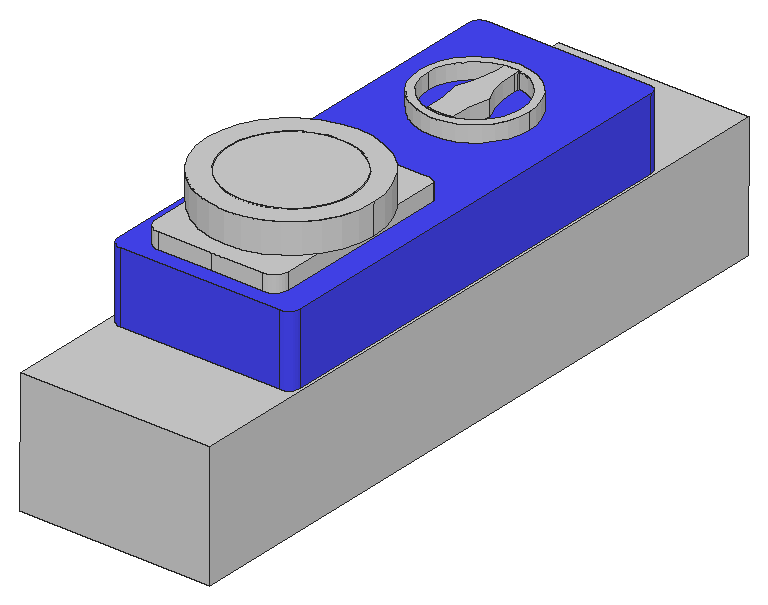
Revit family "Building-IEC309Connections-GEWISS-67IB-INTERLOCKED-SOCKET-OUTLETS_IP67_WITH_BOTTOM_63A_FUS", category Apparecchi elettrici, host Superficie, Revit 2019
Family settings
  Host = Superficie
  Mantenere orientamento annotazione = Sì
  Quota connettore circolare = Usa diametro
  Tipo di parte = Normale
  Taglio con vuoti quando caricato = Sì
  Condiviso = Sì
  Punto di calcolo locali = Sì
Parameters (values of type "GW67255N - 3P+N+T 63A 500V V.INT.SOCK.O.W.B.7H CBF")
  presa = rosso
  npoli = 1
  giallo = 0 mm
  dist_piano [instance] = 0 mm
  di_simb [instance] = 10 mm
  Working temperature = "-25 ÷ +40 °C"
  With back-mounting box = "Yes"
  Weight (kg) = "Max. 2.5 Kg"
  Weight = "Max. 2.5 Kg"
  Vista 2d [instance] = yes
  Version file RFA = "21.4"
  URL = "https://www.gewiss.com/ww/en"
  Typology = "Vertical"
  Type of fuse = "Ø 22x58 mm"
  Thermo-pressure with ball = "125 °C (IB socket) - 80 °C (bottom)"
  Technical sheet = "https://www.gewiss.com/ww/en/search?q=GW67255N"
  Struttura = Grigio RAL - 7035
  Simbolo presa = PRESAINDSTAGNA : 3P
  Simbolo [instance] = yes
  Shock resistance = "IK08"
  SEO = "Socket outlet"
  Reference h = "7"
  Realized by GEWISS S.p.A. = ""
  Rated voltage: = "480 - 500 V"
  Rated voltage = "480 - 500 V"
  Rated short-circuit current (Icc) = "10KA"
  Rated insulation voltage (Ui) = "500V"
  Rated impulse withstand voltage = "4KV"
  Rated frequency (Hz) = "50/60 Hz"
  Rated current (In) = "63"
  Rated current (A) = "63"
  Protection = "Fuse-holder base (CBF)"
  Default Elevation = 1219.2 mm
  Produttore = "GEWISS S.p.A."
  Potenza in wolt = 0 V
  Operating temperature: = "-25 +40 °C"
  Number of poles = "3P+N+E"
  No. of poles = "3P+N+E"
  Modello = "GW67255N"
  Immagine tipo = L.jpg
  IP degree = "IP67"
  IDT = "c3a9b50e-4e9d-4f00-afb7-28748640f89d"
  IDF = "1711c5f6-abc8-487c-ac1f-1400d1f361c6"
  IB socket outlet rated current (In) = "48A"
  Glow wire test: = "850 °C (IB socket) - 650 °C (bottom)"
  Glow Wire Test = "850 °C (IB socket) - 650 °C (bottom)"
  Fuse breacking capacity = "> 50 kA"
  Frequency = "50/60 Hz"
  Electrocod = "2222"
  EAN code = "8011564742253"
  Distanza x [instance] = 0 mm
  Distanza orizzontale simbolo [instance] = 100 mm
  Distanza effettiva x [instance] = 1500 mm - Distanza x  # 1500 mm
  Descrizione = "3P+N+T 63A 500V V.INT.SOCK.O.W.B.7H CBF"
  Corpo presa = GEWISS -BLU
  Cornice simbolo [instance] = yes
  Colour: = "Black"
  Colour = "Black"
  Catalogue Range = "67 IB"
  Catalogue = "BUILDING"
  COBie.Tagnumber = ""
  COBie.CreatedOn = ""
  COBie.CreatebBy = ""
  COBie.ComponentRegisterItemID = ""
  COBie.Component.TagNumber = ""
  COBie.Component.Space = ""
  COBie.Component.SerialNumber = ""
  COBie.Component.InstallationDate = ""
  COBie.Component.Description = ""
  COBie.Component.BarCode = ""
Types (11, lengths in mm): name | Technical sheet | Reference h | Rated voltage: | Rated voltage | Number of poles | No. of poles | Modello | IDT | IB socket outlet rated current (In) | EAN code | Descrizione | Colour: | Colour
  GW67245N - 2P+E 63A 110V V.INT.SOCK.O.W.B.4H CBF | "https://www.gewiss.com/ww/en/search?q=GW67245N" | "4" | "100 - 130 V" | "100 - 130 V" | "2P+E" | "2P+E" | "GW67245N" | "75e21ffc-e24b-42f5-81f5-3eca0e25fa48" | "54A" | "8011564742154" | "2P+E 63A 110V V.INT.SOCK.O.W.B.4H CBF" | "Yellow" | "Yellow"
  GW67246N - 3P+E 63A 110V V.INT.SOCK.O.W.B.4H CBF | "https://www.gewiss.com/ww/en/search?q=GW67246N" | "4" | "100 - 130 V" | "100 - 130 V" | "3P+E" | "3P+E" | "GW67246N" | "f0edf303-f6f3-471c-8832-2f39ec08b6d0" | "52A" | "8011564742161" | "3P+E 63A 110V V.INT.SOCK.O.W.B.4H CBF" | "Yellow" | "Yellow"
  GW67247N - 3P+N+T 63A 110V V.INT.SOCK.O.W.B.4H CBF | "https://www.gewiss.com/ww/en/search?q=GW67247N" | "4" | "100 - 130 V" | "100 - 130 V" | "3P+N+E" | "3P+N+E" | "GW67247N" | "988bef1f-4404-46a9-900d-16c0072cb507" | "48A" | "8011564742178" | "3P+N+T 63A 110V V.INT.SOCK.O.W.B.4H CBF" | "Yellow" | "Yellow"
  GW67248N - 2P+E 63A 230V V.INT.SOCK.O.W.B.6H CBF | "https://www.gewiss.com/ww/en/search?q=GW67248N" | "6" | "200 - 250 V" | "200 - 250 V" | "2P+E" | "2P+E" | "GW67248N" | "0f50aefc-8b62-4424-ad2e-9d7e70bd5565" | "54A" | "8011564742185" | "2P+E 63A 230V V.INT.SOCK.O.W.B.6H CBF" | "Blue" | "Blue"
  GW67249N - 3P+E 63A 230V V.INT.SOCK.O.W.B.9H CBF | "https://www.gewiss.com/ww/en/search?q=GW67249N" | "9" | "200 - 250 V" | "200 - 250 V" | "3P+E" | "3P+E" | "GW67249N" | "6a8054e5-1ad7-4ecd-b4c8-2701be64e304" | "52A" | "8011564742192" | "3P+E 63A 230V V.INT.SOCK.O.W.B.9H CBF" | "Blue" | "Blue"
  GW67250N - 3P+N+T 63A 230V V.INT.SOCK.O.W.B.9H CBF | "https://www.gewiss.com/ww/en/search?q=GW67250N" | "9" | "200 - 250 V" | "200 - 250 V" | "3P+N+E" | "3P+N+E" | "GW67250N" | "70e28c87-f6f5-4e80-af1d-078a08a626f9" | "48A" | "8011564742208" | "3P+N+T 63A 230V V.INT.SOCK.O.W.B.9H CBF" | "Blue" | "Blue"
  GW67251N - 2P+E 63A 400V V.INT.SOCK.O.W.B.9H CBF | "https://www.gewiss.com/ww/en/search?q=GW67251N" | "9" | "380 - 415 V" | "380 - 415 V" | "2P+E" | "2P+E" | "GW67251N" | "ddbee239-5c1a-499c-96da-6e439cd37584" | "54A" | "8011564742215" | "2P+E 63A 400V V.INT.SOCK.O.W.B.9H CBF" | "Red" | "Red"
  GW67252N - 3P+E 63A 400V V.INT.SOCK.O.W.B.6H CBF | "https://www.gewiss.com/ww/en/search?q=GW67252N" | "6" | "380 - 415 V" | "380 - 415 V" | "3P+E" | "3P+E" | "GW67252N" | "09da8fb5-6a28-4a9a-b9b3-701aec00e37d" | "52A" | "8011564742222" | "3P+E 63A 400V V.INT.SOCK.O.W.B.6H CBF" | "Red" | "Red"
  GW67253N - 3P+N+T 63A 400V V.INT.SOCK.O.W.B.6H CBF | "https://www.gewiss.com/ww/en/search?q=GW67253N" | "6" | "380 - 415 V" | "380 - 415 V" | "3P+N+E" | "3P+N+E" | "GW67253N" | "97626786-935c-46f3-8818-172a3d132a53" | "48A" | "8011564742239" | "3P+N+T 63A 400V V.INT.SOCK.O.W.B.6H CBF" | "Red" | "Red"
  GW67254N - 3P+E 63A 500V V.INT.SOCK.O.W.B.7H CBF | "https://www.gewiss.com/ww/en/search?q=GW67254N" | "7" | "480 - 500 V" | "480 - 500 V" | "3P+E" | "3P+E" | "GW67254N" | "b6c982c8-ed38-4f16-88bd-40fd8395360f" | "52A" | "8011564742246" | "3P+E 63A 500V V.INT.SOCK.O.W.B.7H CBF" | "Black" | "Black"
  GW67255N - 3P+N+T 63A 500V V.INT.SOCK.O.W.B.7H CBF | "https://www.gewiss.com/ww/en/search?q=GW67255N" | "7" | "480 - 500 V" | "480 - 500 V" | "3P+N+E" | "3P+N+E" | "GW67255N" | "c3a9b50e-4e9d-4f00-afb7-28748640f89d" | "48A" | "8011564742253" | "3P+N+T 63A 500V V.INT.SOCK.O.W.B.7H CBF" | "Black" | "Black"
Reference planes
  plane 1 "Centro (Fronte/Retro)": y = 0
  plane 2: z = 0
  plane 3 "Centro (Sinistra/Destra)": x = 0
  plane 4: z = -2
  plane 5: x = 0
  plane 6: x = -1500
  plane 7: x = 0
  plane 8: y = 10
  plane 9: y = -190.148
  plane 10: y = 190.148
  plane 11: z = -2
  plane 12: z = 68
  plane 13: x = -53.5
  plane 14: x = 53.5
Forms (mm)
  Extrusion 1, solid, material "Grigio RAL - 7035" <- "Struttura"
    sketch origin (0, 0, 0) x (0, 1, 0) y (0, 0, 1)
      loop
        line (-190.148, -2) -> (190.148, -2) -> (190.148, 68) -> (-190.148, 68) -> (-190.148, -2)
    from -53.5 to 53.5
Lines and regions (mm)
  Masking region 1, visible <- "Vista 2d"
    outline origin (0, 0, 0) x (1, 0, 0) y (0, 0, 1)
      loop
        line (-48.014, 117) -> (45.783, 117) -> (45.783, 134) -> (-48.014, 134) -> (-48.014, 117)
  Masking region 2, visible <- "Vista 2d"
    outline origin (0, 0, 0) x (1, 0, 0) y (0, 0, 1)
      loop
        line (-38.619, 108) -> (36.387, 108) -> (36.387, 117) -> (-38.619, 117) -> (-38.619, 108)
  Masking region 3, visible <- "Vista 2d"
    outline origin (0, 0, 0) x (1, 0, 0) y (0, 0, 1)
      loop
        line (-51.5, 68) -> (51.5, 68) -> (51.5, 108) -> (-51.5, 108) -> (-51.5, 68)
Dimensions and locks
  locked: plane 2 to plane 4 at 2
  "Distanza effettiva x": plane 5 to plane 6
  plane 3 "Centro (Sinistra/Destra)" to plane 6 = 1500 mm
  plane 6 to plane 5 = 1500 mm
  "Distanza effettiva x": plane 6 to plane 7
  "di_simb": plane 8 to plane 1 "Centro (Fronte/Retro)"
  equal spacing: plane 9, plane 1 "Centro (Fronte/Retro)", plane 10
  plane 9 to plane 10 = 380.295 mm
  plane 12 to plane 11 = 70 mm
  "dist_piano": plane 11 to plane 4
  locked: plane 13 to nested 1 at 2
  locked: plane 14 to nested 1 at 2
  aligned and locked: plane 2 to host face
  aligned and locked: level to host face
  aligned and locked: plane 3 "Centro (Sinistra/Destra)" to nested 1
  aligned and locked: Extrusion 1 sketch curve to plane 9
  aligned and locked: Extrusion 1 sketch curve to plane 11
  aligned and locked: Extrusion 1 sketch curve to plane 12
  aligned and locked: Extrusion 1 sketch curve to plane 10
  aligned and locked: nested 1 to plane 12
  aligned and locked: plane 13 to Extrusion 1
  aligned and locked: Extrusion 1 to plane 14
  aligned and locked: Masking region 1 sketch curve to nested 1  (x4)
  aligned and locked: Masking region 2 sketch curve to nested 1  (x4)
  aligned and locked: Masking region 3 sketch curve to nested 1  (x3)
  aligned and locked: nested 1 to Masking region 3 sketch curve
  aligned and locked: plane 7 to nested 2
Automatic sketch dimensions
  host sketch curve to host sketch curve = 2438.4 mm  (x2)
Nested families
  nested 1: "67IB PRESE INTERBLOC VERT 63A + PORTAFUS IP67_base" at (0, 0, 68), type "67IB PRESE INTERBLOC VERT 63A + PORTAFUS IP67_base", detail levels medium+fine
  nested 2: "PRESAINDPFUS_BASE" at (0, 41, 0), DIS <- "di_simb", type "2P"
    with DIS 10 mm, CORNICE SIMBOLO yes
Connectors
  electrical at (0, 0, -2), driven by "npoli", driven by "Potenza in wolt"
    settings: on Extrusion 1, index 1, voltage 0 V, apparent load 0 VA, apparent load phase1 0 VA, apparent load phase2 0 VA, apparent load phase3 0 VA, power factor 1, load classification "Altro", number of poles 1, system type 31, power factor state 1, is connector primary yes, connector utility no, sub classification motor no, connector description ""
Definition of nested family "67IB PRESE INTERBLOC VERT 63A + PORTAFUS IP67_base"
  Parameters (values of type "67IB PRESE INTERBLOC VERT 63A + PORTAFUS IP67_base")
    l = 260.291 mm
    corpo presa = none
    Struttura = none
    Spessore = 30 mm
    Default Elevation = 14 mm
    Presa = none
    Lunghezza = 103 mm
    IFC.TypeObject = ""
    IFC.ExportType = ""
    IFC.ExportAs = ""
    H_da terra = 586.883 mm
    COBie.CreatedOn = ""
    COBie.CreatebBy = ""
    COBie.ComponentRegisterItemID = ""
    COBie.Component.TagNumber = ""
    COBie.Component.Space = ""
    COBie.Component.SerialNumber = ""
    COBie.Component.InstallationDate = ""
    COBie.Component.Description = ""
    COBie.Component.BarCode = ""
    Altezza = 220 mm
  Reference planes
    plane 1 "Centro (Fronte/Retro)": y = 0
    plane 2: z = 0
    plane 3 "Centro (Sinistra/Destra)": x = 0
    plane 4: z = 6.883
    plane 5: z = 10.499
    plane 6: z = 66
    plane 7: z = 49
    plane 8: z = 40
    plane 9: y = 130.145
    plane 10: y = -130.145
    plane 11: y = -8
    plane 12: x = 51.5
    plane 13: x = -51.5
  Forms (mm)
    Extrusion 1, solid, material <- "Struttura"
      sketch origin (-1.116, -694.604, -30) x (1, 0, 0) y (0, 1, 0)
        loop
          line (-0.408, 686.604) -> (-29.506, 686.604)
          spline (-29.506, 686.604) -> (-30.55, 686.579) -> (-31.576, 686.505) -> (-32.567, 686.384) -> (-33.505, 686.218) -> (-34.375, 686.009) -> (-35.161, 685.76) -> (-35.851, 685.477) -> (-36.432, 685.164) -> (-36.895, 684.827) -> (-37.231, 684.47) -> (-37.435, 684.101) -> (-37.503, 683.725)
          line (-37.503, 683.725) -> (-37.503, 581.36)
          spline (-37.503, 581.36) -> (-37.435, 580.332) -> (-37.231, 579.321) -> (-36.895, 578.345) -> (-36.432, 577.421) -> (-35.851, 576.564) -> (-35.161, 575.789) -> (-34.375, 575.11) -> (-33.505, 574.537) -> (-32.567, 574.082) -> (-31.576, 573.75) -> (-30.55, 573.549) -> (-29.506, 573.482)
          line (-29.506, 573.482) -> (0, 573.482) -> (29.506, 573.482)
          spline (29.506, 573.482) -> (30.55, 573.549) -> (31.576, 573.75) -> (32.567, 574.082) -> (33.505, 574.537) -> (34.375, 575.11) -> (35.161, 575.789) -> (35.851, 576.564) -> (36.432, 577.421) -> (36.895, 578.345) -> (37.231, 579.321) -> (37.435, 580.332) -> (37.503, 581.36)
          line (37.503, 581.36) -> (37.503, 683.725)
          spline (37.503, 683.725) -> (37.435, 684.101) -> (37.231, 684.47) -> (36.895, 684.827) -> (36.432, 685.164) -> (35.851, 685.477) -> (35.161, 685.76) -> (34.375, 686.009) -> (33.505, 686.218) -> (32.567, 686.384) -> (31.576, 686.505) -> (30.55, 686.579) -> (29.506, 686.604)
          line (29.506, 686.604) -> (-0.408, 686.604)
      from 70 to 79
    Extrusion 2, solid, material <- "Presa"
      sketch origin (-1.116, -710.854, -30) x (1, 0, 0) y (0, 1, 0)
        loop
          circle (0, 646.456) r 46.899
        loop
          circle (0, 646.456) r 35
      from 79 to 96
    Extrusion 3, solid, material <- "Struttura"
      sketch origin (-1.116, -687.104, -30) x (1, 0, 0) y (0, 1, 0)
        loop
          circle (0, 752.384) r 30.831
        loop
          circle (0, 752.384) r 26.483
      from 70 to 79
    Extrusion 4, solid, material <- "Struttura"
      sketch origin (-1.116, -687.104, -30) x (1, 0, 0) y (0, 1, 0)
        loop
          arc (-9.552, 750.899) -> (-7.429, 739.645) -> (-7.314, 728.193) r 64.983
          arc (-7.314, 728.193) -> (-0.131, 727.067) -> (7.064, 728.115) r 24.316
          arc (7.064, 728.115) -> (7.302, 739.566) -> (9.547, 750.796) r 64.983
          arc (9.547, 750.796) -> (5.519, 762.425) -> (4.215, 774.661) r 54.251
          line (4.215, 774.661) -> (4.25, 777.658)
          arc (4.25, 777.658) -> (3.985, 778.329) -> (3.336, 778.647) r 1
          arc (3.336, 778.647) -> (0.147, 778.794) -> (-3.043, 778.682) r 39.364
          arc (-3.043, 778.682) -> (-3.695, 778.371) -> (-3.967, 777.702) r 1
          line (-3.967, 777.702) -> (-3.964, 774.706)
          arc (-3.964, 774.706) -> (-5.4, 762.483) -> (-9.552, 750.899) r 54.251
      from 70 to 79
    Extrusion 5, solid, material <- "corpo presa"
      sketch origin (-3.616, -699.604, -30) x (1, 0, 0) y (0, 1, 0)
        loop
          arc (55.116, 823.443) -> (53.269, 827.902) -> (48.81, 829.749) r 6.306
          line (48.81, 829.749) -> (-41.578, 829.749)
          arc (-41.578, 829.749) -> (-46.037, 827.902) -> (-47.884, 823.443) r 6.306
          line (-47.884, 823.443) -> (-47.884, 575.973)
          arc (-47.884, 575.973) -> (-45.976, 571.366) -> (-41.369, 569.458) r 6.515
          line (-41.369, 569.458) -> (48.601, 569.458)
          arc (48.601, 569.458) -> (53.208, 571.366) -> (55.116, 575.973) r 6.515
          line (55.116, 575.973) -> (55.116, 823.443)
      from 30 to 70
    Extrusion 6, solid, material <- "Struttura", not visible
      sketch origin (0, 47.014, -580) x (1, 0, 0) y (0, 0, 1)
        loop
          line (-0.408, 691.748) -> (-29.506, 691.748)
          spline (-29.506, 691.748) -> (-30.55, 691.681) -> (-31.576, 691.48) -> (-32.567, 691.148) -> (-33.505, 690.693) -> (-34.375, 690.12) -> (-35.161, 689.441) -> (-35.851, 688.666) -> (-36.432, 687.809) -> (-36.895, 686.885) -> (-37.231, 685.909) -> (-37.435, 684.898) -> (-37.503, 683.87)
          line (-37.503, 683.87) -> (-37.503, 615.12)
          spline (-37.503, 615.12) -> (-37.435, 614.091) -> (-37.231, 613.081) -> (-36.895, 612.105) -> (-36.432, 611.18) -> (-35.851, 610.324) -> (-35.161, 609.549) -> (-34.375, 608.869) -> (-33.505, 608.297) -> (-32.567, 607.841) -> (-31.576, 607.51) -> (-30.55, 607.309) -> (-29.506, 607.241)
          line (-29.506, 607.241) -> (0, 607.241) -> (29.506, 607.241)
          spline (29.506, 607.241) -> (30.55, 607.309) -> (31.576, 607.51) -> (32.567, 607.841) -> (33.505, 608.297) -> (34.375, 608.869) -> (35.161, 609.549) -> (35.851, 610.324) -> (36.432, 611.18) -> (36.895, 612.105) -> (37.231, 613.081) -> (37.435, 614.091) -> (37.503, 615.12)
          line (37.503, 615.12) -> (37.503, 683.87)
          spline (37.503, 683.87) -> (37.435, 684.898) -> (37.231, 685.909) -> (36.895, 686.885) -> (36.432, 687.809) -> (35.851, 688.666) -> (35.161, 689.441) -> (34.375, 690.12) -> (33.505, 690.693) -> (32.567, 691.148) -> (31.576, 691.48) -> (30.55, 691.681) -> (29.506, 691.748)
          line (29.506, 691.748) -> (-0.408, 691.748)
      from 51.991 to 55.821
    Extrusion 7, solid, material <- "Presa", not visible
      sketch origin (0, 47.014, -580) x (1, 0, 0) y (0, 0, 1)
        loop
          circle (0, 646.456) r 46.899
      from 55.821 to 62.709
    Extrusion 8, solid, material <- "Struttura", not visible
      sketch origin (0, 47.014, -580) x (1, 0, 0) y (0, 0, 1)
        loop
          circle (0, 752.384) r 30.831
        loop
          circle (0, 752.384) r 26.483
      from 51.991 to 62.709
    Extrusion 9, solid, material <- "Struttura", not visible
      sketch origin (0, 47.014, -580) x (1, 0, 0) y (0, 0, 1)
        loop
          arc (-9.552, 750.899) -> (-7.429, 739.645) -> (-7.314, 728.193) r 64.983
          arc (-7.314, 728.193) -> (-0.131, 727.067) -> (7.064, 728.115) r 24.316
          arc (7.064, 728.115) -> (7.302, 739.566) -> (9.547, 750.796) r 64.983
          arc (9.547, 750.796) -> (5.519, 762.425) -> (4.215, 774.661) r 54.251
          line (4.215, 774.661) -> (4.25, 777.658)
          arc (4.25, 777.658) -> (3.985, 778.329) -> (3.336, 778.647) r 1
          arc (3.336, 778.647) -> (0.147, 778.794) -> (-3.043, 778.682) r 39.364
          arc (-3.043, 778.682) -> (-3.695, 778.371) -> (-3.967, 777.702) r 1
          line (-3.967, 777.702) -> (-3.964, 774.706)
          arc (-3.964, 774.706) -> (-5.4, 762.483) -> (-9.552, 750.899) r 54.251
      from 51.991 to 62.709
    Extrusion 10, solid, material <- "corpo presa", not visible
      sketch origin (0, 47.014, -580) x (1, 0, 0) y (0, 0, 1)
        loop
          arc (47.884, 796.962) -> (46.037, 801.42) -> (41.578, 803.267) r 6.306
          line (41.578, 803.267) -> (-41.578, 803.267)
          arc (-41.578, 803.267) -> (-46.037, 801.42) -> (-47.884, 796.962) r 6.306
          line (-47.884, 796.962) -> (-47.884, 597.014)
          arc (-47.884, 597.014) -> (-45.976, 592.407) -> (-41.369, 590.499) r 6.515
          line (-41.369, 590.499) -> (41.369, 590.499)
          arc (41.369, 590.499) -> (45.976, 592.407) -> (47.884, 597.014) r 6.515
          line (47.884, 597.014) -> (47.884, 796.962)
      from 30 to 51.991
    Extrusion 11, solid, material <- "Struttura"
      sketch origin (0, 0, 0) x (1, 0, 0) y (0, 1, 0)
        loop
          circle (-1.116, -64.397) r 35
      from 49 to 66
  Dimensions and locks
    locked: plane 5 to plane 4 at 3.616
    Extrusion 5 sketch curve to Extrusion 5 sketch curve = 103 mm
    plane 6 to plane 2 = 66 mm
    locked: plane 7 to plane 6 at 17
    plane 8 to plane 2 = 40 mm
    locked: plane 8 to plane 7 at 9
    equal spacing: plane 10, plane 1 "Centro (Fronte/Retro)", plane 9
    "l": plane 10 to plane 9
    locked: plane 1 "Centro (Fronte/Retro)" to plane 11 at 8
    equal spacing: plane 13, plane 3 "Centro (Sinistra/Destra)", plane 12
    radius of Extrusion 5 sketch curve = 6.306 mm  (x2)
    radius of Extrusion 5 sketch curve = 6.515 mm  (x2)
    aligned and locked: level to plane 2
    aligned and locked: Extrusion 3 to Extrusion 5
    aligned and locked: Extrusion 4 to Extrusion 3
    aligned and locked: Extrusion 3 to Extrusion 4
    aligned and locked: Extrusion 2 to Extrusion 1
    aligned and locked: Extrusion 5 to level
    aligned and locked: plane 6 to Extrusion 2
    aligned: Extrusion 11 sketch curve to Extrusion 2
    aligned and locked: Extrusion 11 sketch curve to Extrusion 2
    aligned and locked: Extrusion 11 to Extrusion 1
    aligned and locked: plane 6 to Extrusion 11
    aligned and locked: Extrusion 1 to plane 7
    aligned and locked: Extrusion 5 to plane 8
    aligned and locked: plane 8 to Extrusion 1
    aligned and locked: Extrusion 3 to plane 7
    aligned and locked: plane 10 to Extrusion 5
    aligned and locked: Extrusion 5 to plane 9
    aligned and locked: plane 11 to Extrusion 1 sketch curve
    aligned and locked: Extrusion 5 sketch curve to plane 13
  Automatic sketch dimensions
    Extrusion 1 sketch curve to plane 3 "Centro (Sinistra/Destra)" = 38.619 mm
    Extrusion 1 sketch curve to Extrusion 1 sketch curve = 7.997 mm  (x3)
    Extrusion 1 sketch curve to plane 3 "Centro (Sinistra/Destra)" = 1.523 mm
    Extrusion 1 sketch curve to plane 3 "Centro (Sinistra/Destra)" = 1.116 mm
    plane 3 "Centro (Sinistra/Destra)" to Extrusion 1 sketch curve = 28.391 mm  (x2)
    plane 1 "Centro (Fronte/Retro)" to Extrusion 1 sketch curve = 10.878 mm  (x2)
    Extrusion 1 sketch curve to Extrusion 1 sketch curve = 7.878 mm  (x2)
    Extrusion 2 sketch curve to Extrusion 2 sketch curve = 0 mm  (x2)
    Extrusion 2 sketch curve to plane 3 "Centro (Sinistra/Destra)" = 1.116 mm
    plane 1 "Centro (Fronte/Retro)" to Extrusion 2 sketch curve = 64.397 mm
    Extrusion 3 sketch curve to Extrusion 3 sketch curve = 0 mm  (x2)
    Extrusion 3 sketch curve to plane 3 "Centro (Sinistra/Destra)" = 1.116 mm
    Extrusion 3 sketch curve to plane 1 "Centro (Fronte/Retro)" = 65.28 mm
    Extrusion 4 sketch curve to plane 1 "Centro (Fronte/Retro)" = 46.167 mm
    Extrusion 4 sketch curve to plane 3 "Centro (Sinistra/Destra)" = 73.214 mm
    Extrusion 4 sketch curve to Extrusion 4 sketch curve = 13.883 mm
    Extrusion 4 sketch curve to plane 3 "Centro (Sinistra/Destra)" = 5.083 mm
    Extrusion 4 sketch curve to Extrusion 4 sketch curve = 0.003 mm
    Extrusion 4 sketch curve to Extrusion 4 sketch curve = 1 mm  (x2)
    Extrusion 4 sketch curve to plane 3 "Centro (Sinistra/Destra)" = 1.18 mm
    Extrusion 4 sketch curve to plane 3 "Centro (Sinistra/Destra)" = 1.116 mm
    plane 3 "Centro (Sinistra/Destra)" to Extrusion 4 sketch curve = 2.134 mm
    plane 3 "Centro (Sinistra/Destra)" to Extrusion 4 sketch curve = 3.099 mm
    Extrusion 4 sketch curve to Extrusion 4 sketch curve = 54.25 mm
    Extrusion 4 sketch curve to Extrusion 4 sketch curve = 13.435 mm
    Extrusion 4 sketch curve to plane 1 "Centro (Fronte/Retro)" = 45.393 mm
    Extrusion 4 sketch curve to plane 1 "Centro (Fronte/Retro)" = 52.327 mm
    Extrusion 4 sketch curve to Extrusion 4 sketch curve = 11.953 mm
    Extrusion 4 sketch curve to Extrusion 4 sketch curve = 41.757 mm
    Extrusion 4 sketch curve to Extrusion 4 sketch curve = 23.278 mm
    Extrusion 4 sketch curve to Extrusion 4 sketch curve = 0.044 mm
    Extrusion 4 sketch curve to Extrusion 4 sketch curve = 41.61 mm
    Extrusion 4 sketch curve to Extrusion 4 sketch curve = 2.99 mm
    Extrusion 4 sketch curve to Extrusion 4 sketch curve = 0.007 mm
    Extrusion 4 sketch curve to Extrusion 4 sketch curve = 2.979 mm
    Extrusion 4 sketch curve to Extrusion 4 sketch curve = 0.018 mm
    Extrusion 4 sketch curve to Extrusion 4 sketch curve = 9.552 mm
    Extrusion 4 sketch curve to plane 3 "Centro (Sinistra/Destra)" = 8.43 mm
    Extrusion 4 sketch curve to Extrusion 4 sketch curve = 0 mm
    plane 3 "Centro (Sinistra/Destra)" to Extrusion 4 sketch curve = 5.949 mm
    plane 9 to Extrusion 5 sketch curve = 0 mm
    Extrusion 1 sketch curve to plane 10 = 16.902 mm
    plane 10 to Extrusion 5 sketch curve = 0 mm
    radius of Extrusion 2 sketch curve = 46.899 mm
    radius of Extrusion 2 sketch curve = 35 mm
    radius of Extrusion 3 sketch curve = 30.831 mm
    radius of Extrusion 3 sketch curve = 26.483 mm
Definition of nested family "PRESAINDPFUS_BASE"
  Parameters (values of type "3P")
    DIS [instance] = 0 mm
    CORNICE SIMBOLO [instance] = yes
    3P = yes
  Types (2, lengths in mm): name | DIS | 3P
    3P | 0 | yes
    2P | 3.09 | no
  Reference planes
    plane 1: y = 0
    plane 2: x = 0
  Lines and regions (mm)
    detail lines, visible <- "CORNICE SIMBOLO"
      curve 1: line (-0.9, 2.3, 0) -> (0.9, 2.3, 0)
      curve 2: line (0.9, 2.3, 0) -> (0.9, 0, 0)
      curve 3: line (0.9, 0, 0) -> (-0.9, 0, 0)
      curve 4: line (-0.9, 0, 0) -> (-0.9, 2.3, 0)
    detail lines, not visible
      curve 5: line (-2.443, 10.208, 0) -> (2.057, 10.208, 0)
      curve 6: line (2.057, 10.208, 0) -> (2.057, 4.208, 0)
      curve 7: line (2.057, 4.208, 0) -> (-2.443, 4.208, 0)
      curve 8: line (-2.443, 4.208, 0) -> (-2.443, 10.208, 0)
      curve 9: line (-2.043, 9.808, 0) -> (1.657, 9.808, 0)
      curve 10: line (1.657, 9.808, 0) -> (1.657, 4.608, 0)
      curve 11: line (1.657, 4.608, 0) -> (-2.043, 4.608, 0)
      curve 12: line (-2.043, 4.608, 0) -> (-2.043, 9.808, 0)
      curve 35: line (-0.45, 0.969, 0) -> (-0.167, 0.969, 0)
      curve 36: line (-0.167, 0.969, 0) -> (0.33, 1.829, 0)
      curve 37: line (0.33, 1.829, 0) -> (0.836, 1.536, 0)
      curve 38: line (-0.167, 0.969, 0) -> (-0.45, 0.478, 0)
      curve 39: line (-0.45, 0.478, 0) -> (-0.45, 2.241, 0)
      curve 40: line (0.135, 1.491, 0) -> (0.641, 1.199, 0)
      curve 41: line (-0.84, 0.478, 0) -> (-0.06, 0.478, 0)
      curve 42: line (-0.45, 0.852, 0) -> (-0.333, 0.969, 0)
      curve 43: line (-0.45, 0.783, 0) -> (-0.264, 0.969, 0)
      curve 44: line (-0.45, 0.714, 0) -> (-0.195, 0.969, 0)
      curve 45: line (-0.45, 0.645, 0) -> (-0.223, 0.872, 0)
      curve 46: line (-0.45, 0.576, 0) -> (-0.317, 0.709, 0)
      curve 48: arc (-0.84, 0.089, 0) -> (-0.45, 0.478, 0) -> (-0.06, 0.089, 0) r 0.39
      curve 49: line (-0.608, 1.143, 0) -> (-0.608, 1.964, 0)
      curve 50: line (-0.608, 1.964, 0) -> (-0.292, 1.964, 0)
      curve 51: line (-0.292, 1.964, 0) -> (-0.292, 1.143, 0)
      curve 52: line (-0.292, 1.143, 0) -> (-0.608, 1.143, 0)
    detail lines
      curve 13: line (-0.45, 0.969, 0) -> (-0.167, 0.969, 0)
      curve 14: line (-0.167, 0.969, 0) -> (0.33, 1.829, 0)
      curve 15: line (0.33, 1.829, 0) -> (0.836, 1.536, 0)
      curve 16: line (-0.167, 0.969, 0) -> (-0.45, 0.478, 0)
      curve 17: line (-0.45, 0.478, 0) -> (-0.45, 2.241, 0)
      curve 18: line (0.135, 1.491, 0) -> (0.641, 1.199, 0)
      curve 19: line (-0.84, 0.478, 0) -> (-0.06, 0.478, 0)
      curve 20: line (-0.45, 0.852, 0) -> (-0.333, 0.969, 0)
      curve 21: line (-0.45, 0.783, 0) -> (-0.264, 0.969, 0)
      curve 22: line (-0.45, 0.714, 0) -> (-0.195, 0.969, 0)
      curve 23: line (-0.45, 0.645, 0) -> (-0.223, 0.872, 0)
      curve 24: line (-0.45, 0.576, 0) -> (-0.317, 0.709, 0)
      curve 26: arc (-0.84, 0.089, 0) -> (-0.45, 0.478, 0) -> (-0.06, 0.089, 0) r 0.39
      curve 27: line (-0.608, 1.143, 0) -> (-0.608, 1.964, 0)
      curve 28: line (-0.608, 1.964, 0) -> (-0.292, 1.964, 0)
      curve 29: line (-0.292, 1.964, 0) -> (-0.292, 1.143, 0)
      curve 30: line (-0.292, 1.143, 0) -> (-0.608, 1.143, 0)
    detail lines, visible <- "3P"
      curve 25: line (-0.06, 1.154, 0) -> (0.446, 0.861, 0)
    detail lines, visible <- "CORNICE SIMBOLO", not visible
      curve 31: line (-0.9, 2.3, 0) -> (0.9, 2.3, 0)
      curve 32: line (0.9, 2.3, 0) -> (0.9, 0, 0)
      curve 33: line (0.9, 0, 0) -> (-0.9, 0, 0)
      curve 34: line (-0.9, 0, 0) -> (-0.9, 2.3, 0)
    detail lines, visible <- "3P", not visible
      curve 47: line (-0.06, 1.154, 0) -> (0.446, 0.861, 0)
  Dimensions and locks
    "DIS": plane 1 to curve 3
